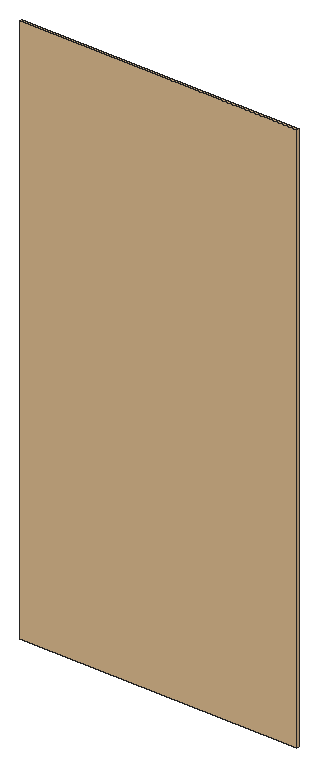
Revit family "American Walnut Veneer Roman Brick", category Generic Models, Revit 2017
Family settings
  Can host rebar = No
  Round Connector Dimension = Use Diameter
  Part Type = Normal
  Work Plane-Based = No
  Always vertical = Yes
  Cut with Voids When Loaded = No
  Shared = Yes
  Room Calculation Point = No
Parameters (values of type "2400 x 1200")
  Raw Finish Code = "EX24 AW-ROM"  # constant formula
  Panel_width = 1200 mm  # constant formula
  Panel_thickness = 10 mm  # constant formula
  Material = none
  URL = "https://www.easycraft.com.au/products/253/expression-series"
  Model = "Expression Series - Roman Brick"  # constant formula
  Manufacturer = "Easycraft Australia Pty Ltd ph 07 3906 7200"  # constant formula
  Panel_height = 2400 mm  # constant formula
  Description = "American Walnut Veneer"  # constant formula
  Clear Finish Code = "EX24 AW-ROM-CF"  # constant formula
  Assembly Code = ""
Reference planes
  plane 1 "Center (Front/Back)": y = 0
  plane 2: z = 0
  plane 3 "Center (Left/Right)": x = 0
  plane 4 "Panel_top": z = 2400
  plane 5 "Panel face": y = -10
  plane 6: x = 1200
Forms (mm)
  Extrusion 1, solid, material "American Walnut Veneer"
    sketch origin (0, 0, 2400) x (0, -1, 0) y (1, 0, 0)
      loop
        line (0, 0) -> (10, 0) -> (10, 1200) -> (0, 1200) -> (0, 0)
    from -2400 to 0
Lines and regions (mm)
  model lines, style "easycraft expressions pattern"
    curve 1: line (1200, -10, 2379.852) -> (0, -10, 2379.852)
    curve 2: line (0, -10, 2295.36) -> (1200, -10, 2295.36)
    curve 3: line (1200, -10, 2210.868) -> (0, -10, 2210.868)
    curve 4: line (0, -10, 2123.127) -> (1200, -10, 2123.127)
    curve 5: line (1200, -10, 2038.635) -> (0, -10, 2038.635)
    curve 6: line (0, -10, 1953.927) -> (1200, -10, 1953.927)
    curve 7: line (1200, -10, 1869.435) -> (0, -10, 1869.435)
    curve 8: line (0, -10, 1784.943) -> (1200, -10, 1784.943)
    curve 9: line (1200, -10, 1700.451) -> (0, -10, 1700.451)
    curve 10: line (0, -10, 1615.96) -> (1200, -10, 1615.96)
    curve 11: line (1200, -10, 1531.468) -> (0, -10, 1531.468)
    curve 12: line (0, -10, 1446.759) -> (1200, -10, 1446.759)
    curve 13: line (1200, -10, 1362.268) -> (0, -10, 1362.268)
    curve 14: line (0, -10, 1274.526) -> (1200, -10, 1274.526)
    curve 15: line (1200, -10, 1190.034) -> (0, -10, 1190.034)
    curve 16: line (0, -10, 1105.543) -> (1200, -10, 1105.543)
    curve 17: line (1200, -10, 1021.051) -> (0, -10, 1021.051)
    curve 18: line (0, -10, 936.342) -> (1200, -10, 936.342)
    curve 19: line (1200, -10, 851.851) -> (0, -10, 851.851)
    curve 20: line (0, -10, 767.359) -> (1200, -10, 767.359)
    curve 21: line (1200, -10, 682.867) -> (0, -10, 682.867)
    curve 22: line (0, -10, 598.375) -> (1200, -10, 598.375)
    curve 23: line (1200, -10, 513.883) -> (0, -10, 513.883)
    curve 24: line (0, -10, 429.175) -> (1200, -10, 429.175)
    curve 25: line (1200, -10, 341.433) -> (0, -10, 341.433)
    curve 26: line (601.625, -10, 2379.852) -> (601.625, -10, 2400)
    curve 27: line (601.625, -10, 2210.868) -> (601.625, -10, 2295.36)
    curve 28: line (601.625, -10, 2038.635) -> (601.625, -10, 2123.127)
    curve 29: line (601.625, -10, 1869.435) -> (601.625, -10, 1953.927)
    curve 30: line (601.625, -10, 1700.451) -> (601.625, -10, 1784.943)
    curve 31: line (601.625, -10, 1531.468) -> (601.625, -10, 1615.96)
    curve 32: line (601.625, -10, 1362.268) -> (601.625, -10, 1446.759)
    curve 33: line (601.625, -10, 1190.034) -> (601.625, -10, 1274.526)
    curve 34: line (601.625, -10, 1021.051) -> (601.625, -10, 1105.543)
    curve 35: line (601.625, -10, 851.851) -> (601.625, -10, 936.342)
    curve 36: line (601.625, -10, 682.867) -> (601.625, -10, 767.359)
    curve 37: line (601.625, -10, 513.883) -> (601.625, -10, 598.375)
    curve 38: line (601.625, -10, 341.433) -> (601.625, -10, 429.175)
    curve 39: line (751.327, -10, 2295.36) -> (751.327, -10, 2379.852)
    curve 40: line (452.139, -10, 2295.36) -> (452.139, -10, 2379.852)
    curve 41: line (751.327, -10, 2123.127) -> (751.327, -10, 2210.868)
    curve 42: line (452.139, -10, 2123.127) -> (452.139, -10, 2210.868)
    curve 43: line (751.327, -10, 1953.927) -> (751.327, -10, 2038.635)
    curve 44: line (452.139, -10, 1953.927) -> (452.139, -10, 2038.635)
    curve 45: line (751.327, -10, 1784.943) -> (751.327, -10, 1869.435)
    curve 46: line (452.139, -10, 1784.943) -> (452.139, -10, 1869.435)
    curve 47: line (751.327, -10, 1615.96) -> (751.327, -10, 1700.451)
    curve 48: line (452.139, -10, 1615.96) -> (452.139, -10, 1700.451)
    curve 49: line (751.327, -10, 1446.759) -> (751.327, -10, 1531.468)
    curve 50: line (452.139, -10, 1446.759) -> (452.139, -10, 1531.468)
    curve 51: line (751.327, -10, 1274.526) -> (751.327, -10, 1362.268)
    curve 52: line (452.139, -10, 1274.526) -> (452.139, -10, 1362.268)
    curve 53: line (751.327, -10, 1105.543) -> (751.327, -10, 1190.034)
    curve 54: line (452.139, -10, 1105.543) -> (452.139, -10, 1190.034)
    curve 55: line (751.327, -10, 936.342) -> (751.327, -10, 1021.051)
    curve 56: line (452.139, -10, 936.342) -> (452.139, -10, 1021.051)
    curve 57: line (751.327, -10, 767.359) -> (751.327, -10, 851.851)
    curve 58: line (452.139, -10, 767.359) -> (452.139, -10, 851.851)
    curve 59: line (751.327, -10, 598.375) -> (751.327, -10, 682.867)
    curve 60: line (452.139, -10, 598.375) -> (452.139, -10, 682.867)
    curve 61: line (751.327, -10, 429.175) -> (751.327, -10, 513.883)
    curve 62: line (452.139, -10, 429.175) -> (452.139, -10, 513.883)
    curve 63: line (900.812, -10, 2379.852) -> (900.812, -10, 2400)
    curve 64: line (900.812, -10, 2210.868) -> (900.812, -10, 2295.36)
    curve 65: line (900.812, -10, 2038.635) -> (900.812, -10, 2123.127)
    curve 66: line (1050.515, -10, 2295.36) -> (1050.515, -10, 2379.852)
    curve 67: line (1050.515, -10, 2123.127) -> (1050.515, -10, 2210.868)
    curve 68: line (1050.515, -10, 1953.927) -> (1050.515, -10, 2038.635)
    curve 69: line (1050.515, -10, 1784.943) -> (1050.515, -10, 1869.435)
    curve 70: line (1050.515, -10, 1615.96) -> (1050.515, -10, 1700.451)
    curve 71: line (1050.515, -10, 1446.759) -> (1050.515, -10, 1531.468)
    curve 72: line (1050.515, -10, 1274.526) -> (1050.515, -10, 1362.268)
    curve 73: line (1050.515, -10, 1105.543) -> (1050.515, -10, 1190.034)
    curve 74: line (1050.515, -10, 936.342) -> (1050.515, -10, 1021.051)
    curve 75: line (1050.515, -10, 767.359) -> (1050.515, -10, 851.851)
    curve 76: line (1050.515, -10, 598.375) -> (1050.515, -10, 682.867)
    curve 77: line (1050.515, -10, 429.175) -> (1050.515, -10, 513.883)
    curve 78: line (900.812, -10, 1869.435) -> (900.812, -10, 1953.927)
    curve 79: line (900.812, -10, 1700.451) -> (900.812, -10, 1784.943)
    curve 80: line (900.812, -10, 1531.468) -> (900.812, -10, 1615.96)
    curve 81: line (900.812, -10, 1362.268) -> (900.812, -10, 1446.759)
    curve 82: line (900.812, -10, 1190.034) -> (900.812, -10, 1274.526)
    curve 83: line (900.812, -10, 1021.051) -> (900.812, -10, 1105.543)
    curve 84: line (900.812, -10, 851.851) -> (900.812, -10, 936.342)
    curve 85: line (900.812, -10, 682.867) -> (900.812, -10, 767.359)
    curve 86: line (900.812, -10, 513.883) -> (900.812, -10, 598.375)
    curve 87: line (900.812, -10, 341.433) -> (900.812, -10, 429.175)
    curve 88: line (299.188, -10, 2379.852) -> (299.188, -10, 2400)
    curve 89: line (299.188, -10, 2210.868) -> (299.188, -10, 2295.36)
    curve 90: line (299.188, -10, 2038.635) -> (299.188, -10, 2123.127)
    curve 91: line (299.188, -10, 1869.435) -> (299.188, -10, 1953.927)
    curve 92: line (299.188, -10, 1700.451) -> (299.188, -10, 1784.943)
    curve 93: line (299.188, -10, 1531.468) -> (299.188, -10, 1615.96)
    curve 94: line (299.188, -10, 1362.268) -> (299.188, -10, 1446.759)
    curve 95: line (299.188, -10, 1190.034) -> (299.188, -10, 1274.526)
    curve 96: line (299.188, -10, 1021.051) -> (299.188, -10, 1105.543)
    curve 97: line (299.188, -10, 851.851) -> (299.188, -10, 936.342)
    curve 98: line (299.188, -10, 682.867) -> (299.188, -10, 767.359)
    curve 99: line (299.188, -10, 513.883) -> (299.188, -10, 598.375)
    curve 100: line (149.702, -10, 2295.36) -> (149.702, -10, 2379.852)
    curve 101: line (149.702, -10, 2123.127) -> (149.702, -10, 2210.868)
    curve 102: line (149.702, -10, 1953.927) -> (149.702, -10, 2038.635)
    curve 103: line (149.702, -10, 1784.943) -> (149.702, -10, 1869.435)
    curve 104: line (149.702, -10, 1615.96) -> (149.702, -10, 1700.451)
    curve 105: line (149.702, -10, 1446.759) -> (149.702, -10, 1531.468)
    curve 106: line (149.702, -10, 1274.526) -> (149.702, -10, 1362.268)
    curve 107: line (149.702, -10, 1105.543) -> (149.702, -10, 1190.034)
    curve 108: line (149.702, -10, 936.342) -> (149.702, -10, 1021.051)
    curve 109: line (149.702, -10, 767.359) -> (149.702, -10, 851.851)
    curve 110: line (149.702, -10, 598.375) -> (149.702, -10, 682.867)
    curve 111: line (149.702, -10, 429.175) -> (149.702, -10, 513.883)
    curve 112: line (299.188, -10, 341.433) -> (299.188, -10, 429.175)
    curve 113: line (0, -10, 256.942) -> (1200, -10, 256.942)
    curve 114: line (1200, -10, 172.45) -> (0, -10, 172.45)
    curve 115: line (0, -10, 87.958) -> (1200, -10, 87.958)
    curve 116: line (1050.515, -10, 256.942) -> (1050.515, -10, 341.433)
    curve 117: line (1050.515, -10, 87.958) -> (1050.515, -10, 172.45)
    curve 118: line (601.625, -10, 172.45) -> (601.625, -10, 256.942)
    curve 119: line (751.327, -10, 256.942) -> (751.327, -10, 341.433)
    curve 120: line (452.139, -10, 256.942) -> (452.139, -10, 341.433)
    curve 121: line (751.327, -10, 87.958) -> (751.327, -10, 172.45)
    curve 122: line (452.139, -10, 87.958) -> (452.139, -10, 172.45)
    curve 123: line (900.812, -10, 172.45) -> (900.812, -10, 256.942)
    curve 124: line (299.188, -10, 172.45) -> (299.188, -10, 256.942)
    curve 125: line (149.702, -10, 256.942) -> (149.702, -10, 341.433)
    curve 126: line (149.702, -10, 87.958) -> (149.702, -10, 172.45)
    curve 127: line (900.812, -10, 0) -> (900.812, -10, 87.958)
    curve 128: line (601.625, -10, 0) -> (601.625, -10, 87.958)
    curve 129: line (299.188, -10, 0) -> (299.188, -10, 87.958)
Dimensions and locks
  "Panel_height": plane 4 "Panel_top" to plane 2
  "Panel_thickness": plane 5 "Panel face" to plane 1 "Center (Front/Back)"
  "Panel_width": Extrusion 1 to plane 3 "Center (Left/Right)"
  aligned and locked: level to plane 2
  aligned and locked: Extrusion 1 to level
  aligned and locked: plane 5 "Panel face" to Extrusion 1
Automatic sketch dimensions
  plane 1 "Center (Front/Back)" to Extrusion 1 sketch curve = 0 mm
  Extrusion 1 sketch curve to plane 3 "Center (Left/Right)" = 0 mm
  Extrusion 1 sketch curve to plane 5 "Panel face" = 0 mm
  Extrusion 1 sketch curve to plane 6 = 0 mm
  curve 22 to plane 3 "Center (Left/Right)" = 0 mm
  curve 1 to plane 3 "Center (Left/Right)" = 0 mm
  curve 2 to plane 3 "Center (Left/Right)" = 0 mm
  curve 113 to plane 3 "Center (Left/Right)" = 0 mm
  curve 25 to plane 3 "Center (Left/Right)" = 0 mm
  curve 3 to plane 3 "Center (Left/Right)" = 0 mm
  curve 4 to plane 3 "Center (Left/Right)" = 0 mm
  curve 115 to plane 3 "Center (Left/Right)" = 0 mm
  curve 24 to plane 3 "Center (Left/Right)" = 0 mm
  curve 5 to plane 3 "Center (Left/Right)" = 0 mm
  curve 6 to plane 3 "Center (Left/Right)" = 0 mm
  curve 23 to plane 3 "Center (Left/Right)" = 0 mm
  curve 114 to plane 3 "Center (Left/Right)" = 0 mm
  curve 7 to plane 3 "Center (Left/Right)" = 0 mm
  curve 8 to plane 3 "Center (Left/Right)" = 0 mm
  curve 21 to plane 3 "Center (Left/Right)" = 0 mm
  curve 20 to plane 3 "Center (Left/Right)" = 0 mm
  curve 9 to plane 3 "Center (Left/Right)" = 0 mm
  curve 10 to plane 3 "Center (Left/Right)" = 0 mm
  curve 19 to plane 3 "Center (Left/Right)" = 0 mm
  curve 18 to plane 3 "Center (Left/Right)" = 0 mm
  curve 11 to plane 3 "Center (Left/Right)" = 0 mm
  curve 12 to plane 3 "Center (Left/Right)" = 0 mm
  curve 17 to plane 3 "Center (Left/Right)" = 0 mm
  curve 16 to plane 3 "Center (Left/Right)" = 0 mm
  curve 13 to plane 3 "Center (Left/Right)" = 0 mm
  curve 14 to plane 3 "Center (Left/Right)" = 0 mm
  curve 15 to plane 3 "Center (Left/Right)" = 0 mm
  curve 88 to plane 4 "Panel_top" = 0 mm
  curve 129 to level = 0 mm
  curve 26 to plane 4 "Panel_top" = 0 mm
  curve 128 to level = 0 mm
  curve 63 to plane 4 "Panel_top" = 0 mm
  curve 127 to level = 0 mm
  curve 115 to plane 6 = 0 mm
  curve 25 to plane 6 = 0 mm
  curve 114 to plane 6 = 0 mm
  curve 113 to plane 6 = 0 mm
  curve 24 to plane 6 = 0 mm
  curve 23 to plane 6 = 0 mm
  curve 22 to plane 6 = 0 mm
  curve 21 to plane 6 = 0 mm
  curve 20 to plane 6 = 0 mm
  curve 19 to plane 6 = 0 mm
  curve 18 to plane 6 = 0 mm
  curve 17 to plane 6 = 0 mm
  curve 16 to plane 6 = 0 mm
  curve 15 to plane 6 = 0 mm
  curve 14 to plane 6 = 0 mm
  curve 13 to plane 6 = 0 mm
  curve 12 to plane 6 = 0 mm
  curve 11 to plane 6 = 0 mm
  curve 10 to plane 6 = 0 mm
  curve 9 to plane 6 = 0 mm
  curve 8 to plane 6 = 0 mm
  curve 7 to plane 6 = 0 mm
  curve 6 to plane 6 = 0 mm
  curve 5 to plane 6 = 0 mm
  curve 4 to plane 6 = 0 mm
  curve 3 to plane 6 = 0 mm
  curve 2 to plane 6 = 0 mm
  curve 1 to plane 6 = 0 mm
  curve 3 to curve 101 = 149.702 mm
  curve 24 to curve 111 = 149.702 mm
  curve 21 to curve 110 = 149.702 mm
  curve 19 to curve 109 = 149.702 mm
  curve 17 to curve 108 = 149.702 mm
  curve 15 to curve 107 = 149.702 mm
  curve 113 to curve 125 = 149.702 mm
  curve 13 to curve 106 = 149.702 mm
  curve 115 to curve 126 = 149.702 mm
  curve 11 to curve 105 = 149.702 mm
  curve 100 to curve 101 = 0 mm
  curve 9 to curve 104 = 149.702 mm
  curve 7 to curve 103 = 149.702 mm
  curve 101 to curve 102 = 0 mm
  curve 102 to curve 90 = 149.485 mm
  curve 100 to curve 89 = 149.485 mm
  curve 88 to curve 89 = 0 mm
  curve 90 to curve 91 = 0 mm
  curve 104 to curve 92 = 149.485 mm
  curve 105 to curve 93 = 149.485 mm
  curve 110 to curve 99 = 149.485 mm
  curve 106 to curve 94 = 149.485 mm
  curve 107 to curve 95 = 149.485 mm
  curve 108 to curve 96 = 149.485 mm
  curve 125 to curve 124 = 149.485 mm
  curve 109 to curve 97 = 149.485 mm
  curve 97 to curve 98 = 0 mm
  curve 112 to curve 124 = 0 mm
  curve 124 to curve 129 = 0 mm
  curve 91 to curve 44 = 152.952 mm
  plane 4 "Panel_top" to curve 40 = 20.148 mm
  curve 88 to curve 40 = 152.952 mm
  curve 42 to curve 44 = 0 mm
  curve 92 to curve 46 = 152.952 mm
  curve 124 to curve 122 = 152.952 mm
  curve 93 to curve 48 = 152.952 mm
  curve 112 to curve 120 = 152.952 mm
  curve 94 to curve 50 = 152.952 mm
  curve 99 to curve 62 = 152.952 mm
  curve 95 to curve 52 = 152.952 mm
  curve 98 to curve 60 = 152.952 mm
  curve 96 to curve 54 = 152.952 mm
  curve 97 to curve 58 = 152.952 mm
  curve 56 to curve 58 = 0 mm
  curve 44 to curve 28 = 149.485 mm
  curve 40 to curve 27 = 149.485 mm
  curve 46 to curve 29 = 149.485 mm
  curve 26 to curve 27 = 0 mm
  curve 48 to curve 30 = 149.485 mm
  curve 122 to curve 118 = 149.485 mm
  curve 50 to curve 31 = 149.485 mm
  curve 52 to curve 32 = 149.485 mm
  curve 54 to curve 33 = 149.485 mm
  curve 56 to curve 34 = 149.485 mm
  curve 118 to curve 128 = 0 mm
  curve 58 to curve 35 = 149.485 mm
  curve 60 to curve 36 = 149.485 mm
  curve 62 to curve 38 = 149.485 mm
  curve 36 to curve 37 = 0 mm
  curve 27 to curve 39 = 149.702 mm
  curve 28 to curve 41 = 149.702 mm
  curve 29 to curve 43 = 149.702 mm
  curve 30 to curve 45 = 149.702 mm
  curve 31 to curve 47 = 149.702 mm
  curve 118 to curve 121 = 149.702 mm
  curve 32 to curve 49 = 149.702 mm
  curve 38 to curve 119 = 149.702 mm
  curve 33 to curve 51 = 149.702 mm
  curve 34 to curve 53 = 149.702 mm
  curve 35 to curve 55 = 149.702 mm
  curve 36 to curve 57 = 149.702 mm
  curve 37 to curve 59 = 149.702 mm
  curve 61 to curve 119 = 0 mm
  curve 119 to curve 87 = 149.485 mm
  curve 59 to curve 86 = 149.485 mm
  curve 39 to curve 63 = 149.485 mm
  curve 57 to curve 85 = 149.485 mm
  curve 55 to curve 84 = 149.485 mm
  curve 53 to curve 83 = 149.485 mm
  curve 51 to curve 82 = 149.485 mm
  curve 49 to curve 81 = 149.485 mm
  curve 47 to curve 80 = 149.485 mm
  curve 45 to curve 79 = 149.485 mm
  curve 43 to curve 78 = 149.485 mm
  curve 41 to curve 64 = 149.485 mm
  curve 121 to curve 123 = 149.485 mm
  curve 123 to curve 127 = 0 mm
  curve 65 to curve 78 = 0 mm
  curve 77 to plane 6 = 149.485 mm
  curve 76 to plane 6 = 149.485 mm
  curve 75 to plane 6 = 149.485 mm
  curve 74 to plane 6 = 149.485 mm
  curve 73 to plane 6 = 149.485 mm
  curve 72 to plane 6 = 149.485 mm
  curve 71 to plane 6 = 149.485 mm
  curve 70 to curve 9 = 149.485 mm
  curve 69 to curve 7 = 149.485 mm
  curve 68 to curve 5 = 149.485 mm
  curve 67 to curve 3 = 149.485 mm
  curve 66 to curve 1 = 149.485 mm
  curve 117 to plane 6 = 149.485 mm
  curve 77 to curve 116 = 0 mm
  level to curve 127 = 87.958 mm
  curve 121 to curve 121 = 84.492 mm
  curve 118 to curve 118 = 84.492 mm
  curve 124 to curve 112 = 84.492 mm
  curve 116 to curve 77 = 87.741 mm
  curve 61 to curve 61 = 84.708 mm
  curve 99 to curve 99 = 84.492 mm
  curve 76 to curve 76 = 84.492 mm
  curve 76 to curve 75 = 84.492 mm
  curve 109 to curve 109 = 84.492 mm
  curve 19 to curve 18 = 84.492 mm
  curve 84 to curve 83 = 84.708 mm
  curve 108 to curve 107 = 84.492 mm
  curve 16 to curve 15 = 84.492 mm
  curve 54 to curve 52 = 84.492 mm
  curve 82 to curve 81 = 87.741 mm
  curve 13 to curve 12 = 84.492 mm
  curve 49 to curve 49 = 84.708 mm
  curve 80 to curve 80 = 84.492 mm
  curve 70 to curve 70 = 84.492 mm
  curve 92 to curve 92 = 84.492 mm
  curve 8 to curve 7 = 84.492 mm
  curve 69 to curve 68 = 84.492 mm
  curve 44 to curve 44 = 84.708 mm
  curve 68 to curve 67 = 84.492 mm
  curve 101 to curve 101 = 87.741 mm
  curve 67 to curve 66 = 84.492 mm
